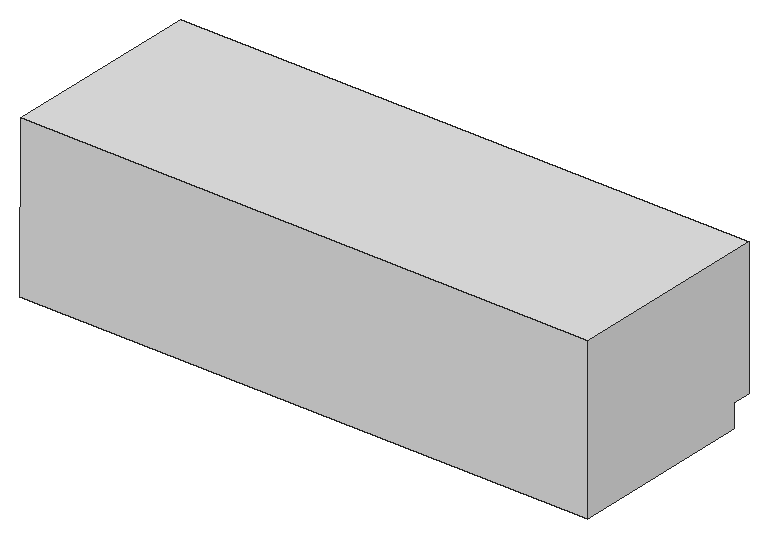
Revit family "OD_CW_Base Cabinet", category Casework, Revit 2015
Parameters
  OD_CW_Width [instance] = 2' - 10"
  OD_CW_Length [instance] = 8' - 0"
  OD_CW_Height [instance] = 2' - 3"
  Depth = 2' - 0"
  Height = 3' - 0"
  Width = 4' - 0"
Reference planes (in)
  plane 1 "Center (Left/Right)": x = 0.7377
  plane 2 "Left": x = -23.2623
  plane 3 "Right": x = 24.7377
  plane 4 "Front": y = -24
  plane 5 "Top": z = 27
  plane 6: x = 96.7377
  plane 7: y = 10
Forms (in)
  Extrusion 1, solid
    sketch origin (24.7377, 0, 0) x (0, -1, 0) y (0, 0, 1)
      loop
        line (24, 27) -> (-10, 27) -> (-10, 4) -> (-7, 4) -> (-7, 0) -> (24, 0) -> (24, 27)
    from -72 to 24
Lines and regions (in)
  symbolic lines, style "InvisibleLines"
    curve 1: line (0.7377, 10, 0) -> (0.7377, -28, 0)
  symbolic lines, style "Casework"
    curve 2: line (0.7377, 10, 0) -> (96.7377, 10, 0)
    curve 3: line (0.7377, -24, 0) -> (0.7377, 10, 0)
    curve 4: line (96.7377, -24, 0) -> (0.7377, -24, 0)
    curve 5: line (96.7377, 10, 0) -> (96.7377, -24, 0)
Dimensions and locks (in)
  equal spacing: plane 2 "Left", plane 1 "Center (Left/Right)", plane 3 "Right"
  "OD_CW_Width": plane 4 "Front" to plane 7
  "OD_CW_Length": plane 1 "Center (Left/Right)" to plane 6
  locked: Extrusion 1 sketch curve to plane 7 at 3
  "OD_CW_Height": plane 5 "Top" to level
  locked: curve 1 to Extrusion 1 at 4
  aligned and locked: plane 5 "Top" to Extrusion 1 sketch curve
  aligned and locked: Extrusion 1 sketch curve to plane 4 "Front"
  aligned and locked: Extrusion 1 sketch curve to plane 7
  aligned and locked: level to Extrusion 1 sketch curve
  aligned and locked: Extrusion 1 to plane 1 "Center (Left/Right)"
  aligned and locked: plane 6 to Extrusion 1
  aligned and locked: curve 2 to plane 7
  aligned and locked: curve 5 to plane 6
  aligned and locked: curve 4 to plane 4 "Front"
  aligned and locked: plane 1 "Center (Left/Right)" to curve 3
Automatic sketch dimensions
  level to Extrusion 1 sketch curve = 0' - 4"
